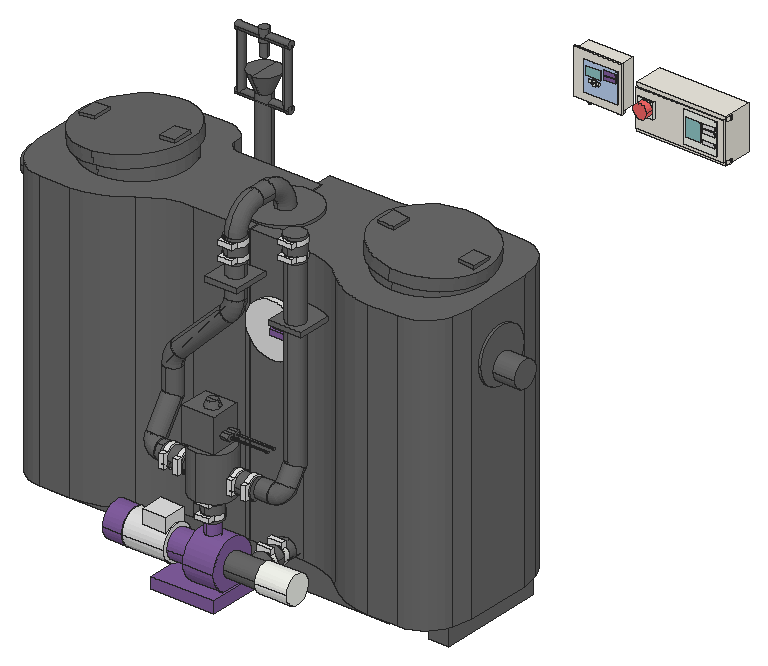
Revit family "93004.02_pvs 0", category Generic Models, Revit 2021 (continued)
Definition of nested family "93004.02_pvs 0_part3_X0Y0"
  Definition of nested family "93004.02_pvs 0_part3_content"
    Forms (mm)
      Extrusion 34, solid, detail levels medium+fine
        sketch origin (91, -399, 630) x (0, 1, 0) y (0, 0, 1)
          loop
            circle (0, 0) r 3
        from 0 to 160
      Extrusion 35, solid, detail levels medium+fine
        sketch origin (-239.917, -260, 799.003) x (0.5, 0.707107, -0.5) y (-0.5, 0.707107, 0.5)
          loop
            circle (0, 0) r 37.5
        from 0 to 298
      Revolve 36, solid, detail levels medium+fine
        sketch origin (-29.2, -260, 1009.72) x (-0.707107, 0, 0.707107) y (0, -1, 0)
          loop
            circle (0, 0) r 37.5
          axis (100, 0) -> (100, -1)
        angle from -45.5 to 0
      Extrusion 37, solid, detail levels medium+fine
        sketch origin (115, -181.5, 967.5) x (1, 0, 0) y (0, 0, 1)
          loop
            circle (0, 0) r 114
        from 0 to 27
      Extrusion 38, solid, detail levels medium+fine
        sketch origin (235, -208.5, 955.75) x (0, -1, 0) y (0, 0, 1)
          loop
            line (0, 23.5) -> (0, 0) -> (15, 0) -> (15, 23.5) -> (0, 23.5)
        from 0 to 120
      Extrusion 39, solid, detail levels medium+fine
        sketch origin (290, -303.5, 553) x (0, 1, 0) y (-1, 0, 0)
          loop
            circle (0, 0) r 37.5
        from 0 to 792.5
      Extrusion 40, solid, detail levels medium+fine
        sketch origin (359, -357.5, 1110) x (0, 1, 0) y (0, 0, -1)
          loop
            line (0, 20.5) -> (0, 0) -> (200, 0) -> (200, 20.5) -> (0, 20.5)
        from 0 to 138
      Extrusion 41, solid, detail levels medium+fine
        sketch origin (-9.5, -42, 113) x (1, 0, 0) y (0, 1, 0)
          loop
            line (-461.233, 356.866) -> (-423.23, 310.65) -> (-420.98, 267.88)
            arc (-420.98, 267.88) -> (-412.995, 226.34) -> (-371.1, 220.5) r 36.34
            line (-371.1, 220.5) -> (-9.5, 220.349) -> (-9.5, 310.5) -> (-300.77, 310.5)
            arc (-300.77, 310.5) -> (-384.02, 323.236) -> (-461.233, 356.866) r 326.113
        from 0 to 705
      Extrusion 42, solid, detail levels medium+fine
        sketch origin (290, -303.5, 1345.5) x (0, 1, 0) y (-1, 0, 0)
          loop
            circle (0, 0) r 42
        from 0 to 100
      Extrusion 43, solid, detail levels medium+fine
        sketch origin (290, -303.5, 1355.5) x (0, 1, 0) y (-1, 0, 0)
          loop
            circle (0, 0) r 45
        from 0 to 20
      Extrusion 44, solid, detail levels medium+fine
        sketch origin (290, -303.5, 1415.5) x (0, 1, 0) y (-1, 0, 0)
          loop
            circle (0, 0) r 45
        from 0 to 20
      Extrusion 45, solid, detail levels medium+fine
        sketch origin (260, -334.5, 1375.5) x (0, 0, -1) y (1, 0, 0)
          loop
            line (0, 60) -> (0, 0) -> (20, 0) -> (20, 60) -> (0, 60)
        from 0 to 25
      Extrusion 46, solid, detail levels medium+fine
        sketch origin (260, -334.5, 1435.5) x (0, 0, -1) y (1, 0, 0)
          loop
            line (0, 60) -> (0, 0) -> (20, 0) -> (20, 60) -> (0, 60)
        from 0 to 25
      Extrusion 47, solid, detail levels medium+fine
        sketch origin (-348.5, 202.5, 1119.2) x (0, 1, 0) y (0, 0, 1)
          loop
            line (0, 29.3) -> (0, 0) -> (120, 0) -> (120, 29.3) -> (0, 29.3)
        from 0 to 88
      Extrusion 48, solid, detail levels medium+fine
        sketch origin (-305, 275, 1003) x (1, 0, 0) y (0, 1, 0)
          loop
            circle (0, 0) r 31.5
        from 0 to 526.6
      Revolve 49, solid, detail levels medium+fine
        sketch origin (-110, 275, 1003) x (0, 1, 0) y (-1, 0, 0)
          loop
            circle (0, 0) r 31.5
          axis (0, 97.5) -> (-1, 97.5)
        angle from 0 to 180
      Extrusion 50, solid, detail levels medium+fine
        sketch origin (-110, 275, 1088.5) x (0, -1, 0) y (-1, 0, 0)
          loop
            circle (0, 0) r 31.5
        from 0 to 85.5
      Extrusion 51, solid, detail levels medium+fine
        sketch origin (-419.94, 274.5, 1494.31) x (0, 1, 0) y (0, 0, 1)
          loop
            circle (0, 0) r 15
        from 0 to 230
      Extrusion 52, solid, detail levels medium+fine
        sketch origin (-204.94, 274.5, 1743.51) x (1, 0, 0) y (0, -1, 0)
          loop
            circle (0, 0) r 15
        from 0 to 249.2
      Extrusion 53, solid, detail levels medium+fine
        sketch origin (-420, 274.5, 1743.25) x (0, 1, 0) y (0, 0, 1)
          loop
            circle (0, 0) r 15
        from 0 to 230
      Extrusion 54, solid, detail levels medium+fine
        sketch origin (-305, 275, 1720.9) x (1, 0, 0) y (0, 1, 0)
          loop
            circle (0, 0) r 19.25
        from 0 to 52
      Extrusion 55, solid, detail levels medium+fine
        sketch origin (-305, 275, 1662.9) x (1, 0, 0) y (0, 1, 0)
          loop
            circle (0, 0) r 14
        from 0 to 58
      Extrusion 56, solid, detail levels medium+fine
        sketch origin (-405.05, 274.5, 1743.51) x (1, 0, 0) y (0, -1, 0)
          loop
            circle (0, 0) r 15
        from 0 to 249.2
      Revolve 57, solid, detail levels medium+fine
        sketch origin (-305, 275, 1529.6) x (0, 0, 1) y (0, 1, 0)
          loop
            line (-0.5, 0) -> (81, 0) -> (81, 65) -> (-0.5, 31) -> (-0.5, 0)
          axis (81, 0) -> (-0.5, 0)
        angle from -360 to 0
      Extrusion 58, solid, detail levels medium+fine
        sketch origin (611.47, 0, 1071.55) x (0, 1, 0) y (-0.996195, 0, 0.087156)
          loop
            circle (0, 0) r 211
        from 0 to 281.5
      Extrusion 59, solid, detail levels medium+fine
        sketch origin (636, 0, 1351.97) x (0, 1, 0) y (-0.996195, 0, 0.087156)
          loop
            circle (0, 0) r 233
        from 0 to 51
      Extrusion 60, solid, detail levels medium+fine
        sketch origin (501.07, 41, 1414.97) x (0, -1, 0) y (0.087156, 0, 0.996195)
          loop
            line (0, 12) -> (0, -0.5) -> (82, -0.5) -> (82, 12) -> (0, 12)
        from 0 to 66
      Extrusion 61, solid, detail levels medium+fine
        sketch origin (780, -41, 1390.57) x (0, 1, 0) y (0.087156, 0, 0.996195)
          loop
            line (0, 12) -> (0, -0.5) -> (82, -0.5) -> (82, 12) -> (0, 12)
        from 0 to 66
      Extrusion 62, solid, detail levels medium+fine
        sketch origin (-611.47, 0, 1071.551) x (0, -1, 0) y (0.996195, 0, 0.087156)
          loop
            circle (0, 0) r 211
        from 0 to 281.5
      Extrusion 63, solid, detail levels medium+fine
        sketch origin (-636, 0, 1351.97) x (0, -1, 0) y (0.996195, 0, 0.087156)
          loop
            circle (0, 0) r 233
        from 0 to 51
      Extrusion 64, solid, detail levels medium+fine
        sketch origin (-501.07, -41, 1414.97) x (0, 1, 0) y (-0.087156, 0, 0.996195)
          loop
            line (0, 12) -> (0, -0.5) -> (82, -0.5) -> (82, 12) -> (0, 12)
        from 0 to 66
      Extrusion 65, solid, detail levels medium+fine
        sketch origin (-780, 41, 1390.57) x (0, -1, 0) y (-0.087156, 0, 0.996195)
          loop
            line (0, 12) -> (0, -0.5) -> (82, -0.5) -> (82, 12) -> (0, 12)
        from 0 to 66
      Extrusion 66, solid, detail levels medium+fine
        sketch origin (-399, -183.5, 0) x (0, 1, 0) y (0, 0, 1)
          loop
            line (1, 113.5) -> (1, 0) -> (449, 0) -> (449, 113.5) -> (1, 113.5)
        from 0 to 1000
      Extrusion 67, solid, detail levels medium+fine
        sketch origin (926, 0, 1070) x (0, 1, 0) y (0, 0, 1)
          loop
            circle (0, 0) r 114
        from -10 to 10
      Extrusion 68, solid, detail levels medium+fine
        sketch origin (936, 0, 1030) x (0, 1, 0) y (0, 0, 1)
          loop
            circle (0, 0) r 55
        from 0 to 98
      Extrusion 69, solid, detail levels medium+fine
        sketch origin (-926.1, 0, 1070) x (0, -1, 0) y (0, 0, 1)
          loop
            circle (0, 0) r 114
        from 0 to 20
      Extrusion 70, solid, detail levels medium+fine
        sketch origin (-936.1, 0, 1113) x (0, -1, 0) y (0, 0, 1)
          loop
            circle (0, 0) r 55
        from 0 to 151.5
      Extrusion 71, solid, detail levels medium+fine
        sketch origin (-110, 215, 1148.5) x (0, 0, -1) y (1, 0, 0)
          loop
            circle (0, 0) r 31.5
        from 0 to 20
      Revolve 72, solid, detail levels medium+fine
        sketch origin (-110, 215, 1148.5) x (0, 0, -1) y (-1, 0, 0)
          loop
            circle (0, 0) r 31.5
          axis (60, 0) -> (60, -1)
        angle from -90 to 0
      Extrusion 73, solid, detail levels medium+fine
        sketch origin (154.75, -114.5, 135) x (0, 0, -1) y (1, 0, 0)
          loop
            circle (0, 0) r 42
        from 0 to 113
      Extrusion 74, solid, detail levels medium+fine
        sketch origin (184.75, -244.5, 166) x (0, 1, 0) y (-1, 0, 0)
          loop
            line (0, 60) -> (0, 0) -> (20, 0) -> (20, 60) -> (0, 60)
        from 0 to 25
      Extrusion 75, solid, detail levels medium+fine
        sketch origin (154.75, -224.5, 135) x (0, 0, -1) y (1, 0, 0)
          loop
            circle (0, 0) r 45
        from 0 to 20
      Extrusion 76, solid, detail levels medium+fine
        sketch origin (154.75, -383, 135) x (-1, 0, 0) y (0, 0, 1)
          loop
            circle (0, 0) r 40
        from 0 to 193.5
      Extrusion 77, solid, detail levels medium+fine
        sketch origin (154.75, -284.5, 135) x (0, 0, -1) y (1, 0, 0)
          loop
            circle (0, 0) r 45
        from 0 to 20
      Extrusion 78, solid, detail levels medium+fine
        sketch origin (184.75, -304.5, 166) x (0, 1, 0) y (-1, 0, 0)
          loop
            line (0, 60) -> (0, 0) -> (20, 0) -> (20, 60) -> (0, 60)
        from 0 to 25
      Extrusion 79, solid, detail levels medium+fine
        sketch origin (82.5, -383, 135) x (0, 1, 0) y (0, 0, 1)
          loop
            circle (0, 0) r 50
        from 0 to 144.5
      Extrusion 80, solid, detail levels medium+fine
        sketch origin (-47, -383, 135) x (0, 1, 0) y (0, 0, 1)
          loop
            circle (0, 0) r 101
        from 0 to 129.5
      Extrusion 81, solid, detail levels medium+fine
        sketch origin (0, -383, 284) x (-1, 0, 0) y (0, 1, 0)
          loop
            circle (0, 0) r 31.5
        from 0 to 149
      Extrusion 82, solid, detail levels medium+fine
        sketch origin (-152, -383, 135) x (0, 1, 0) y (0, 0, 1)
          loop
            circle (0, 0) r 60
        from 0 to 105
      Extrusion 83, solid, detail levels medium+fine
        sketch origin (97.5, -269, 0) x (0, -1, 0) y (0, 0, 1)
          loop
            line (0, 48) -> (0, 0) -> (230, 0) -> (230, 48) -> (0, 48)
        from 0 to 272
      Extrusion 84, solid, detail levels medium+fine
        sketch origin (0, -383, 284) x (0, 1, 0) y (-1, 0, 0)
          loop
            circle (0, 0) r 42
        from 0 to 100
      Extrusion 85, solid, detail levels medium+fine
        sketch origin (0, -383, 294) x (0, 1, 0) y (-1, 0, 0)
          loop
            circle (0, 0) r 45
        from 0 to 20
      Extrusion 86, solid, detail levels medium+fine
        sketch origin (0, -383, 354) x (0, 1, 0) y (-1, 0, 0)
          loop
            circle (0, 0) r 45
        from 0 to 20
      Extrusion 87, solid, detail levels medium+fine
        sketch origin (-30, -414, 314) x (0, 0, -1) y (1, 0, 0)
          loop
            line (0, 60) -> (0, 0) -> (20, 0) -> (20, 60) -> (0, 60)
        from 0 to 25
      Extrusion 88, solid, detail levels medium+fine
        sketch origin (-30, -414, 374) x (0, 0, -1) y (1, 0, 0)
          loop
            line (0, 60) -> (0, 0) -> (20, 0) -> (20, 60) -> (0, 60)
        from 0 to 25
      Extrusion 89, solid, detail levels medium+fine
        sketch origin (227, -383, 135) x (0, 1, 0) y (0, 0, 1)
          loop
            circle (0, 0) r 58.5
        from 0 to 135.5
      Extrusion 90, solid, detail levels medium+fine
        sketch origin (-333, -383, 135) x (0, 1, 0) y (0, 0, 1)
          loop
            circle (0, 0) r 73.5
        from 0 to 181
      Extrusion 91, solid, detail levels medium+fine
        sketch origin (-262, -433, 188.5) x (0, 1, 0) y (0, 0, 1)
          loop
            line (0, 60) -> (0, 0) -> (100, 0) -> (100, 60) -> (0, 60)
        from 0 to 100
      Extrusion 92, solid, detail levels medium+fine
        sketch origin (-413, -383, 135) x (0, 1, 0) y (0, 0, 1)
          loop
            circle (0, 0) r 73.5
        from 0 to 80
      Extrusion 93, solid, detail levels medium+fine
        sketch origin (0, -260, 1231.5) x (0, 1, 0) y (-1, 0, 0)
          loop
            circle (0, 0) r 45
        from 0 to 20
      Extrusion 94, solid, detail levels medium+fine
        sketch origin (0, -260, 1221.5) x (0, 1, 0) y (-1, 0, 0)
          loop
            circle (0, 0) r 42
        from 0 to 100
      Extrusion 95, solid, detail levels medium+fine
        sketch origin (0, -260, 1291.5) x (0, 1, 0) y (-1, 0, 0)
          loop
            circle (0, 0) r 45
        from 0 to 20
      Extrusion 96, solid, detail levels medium+fine
        sketch origin (-30, -291, 1251.5) x (0, 0, -1) y (1, 0, 0)
          loop
            line (0, 60) -> (0, 0) -> (20, 0) -> (20, 60) -> (0, 60)
        from 0 to 25
      Extrusion 97, solid, detail levels medium+fine
        sketch origin (-30, -291, 1311.5) x (0, 0, -1) y (1, 0, 0)
          loop
            line (0, 60) -> (0, 0) -> (20, 0) -> (20, 60) -> (0, 60)
        from 0 to 25
      Revolve 98, solid, detail levels medium+fine
        sketch origin (0, -260, 1315) x (0, 1, 0) y (-1, 0, 0)
          loop
            circle (0, 0) r 37.5
          axis (100, 0) -> (100, -1)
        angle from -90 to 0
      Extrusion 99, solid, detail levels medium+fine
        sketch origin (766, -183.5, 0) x (0, 1, 0) y (0, 0, 1)
          loop
            line (0, 113) -> (0, 0) -> (450, 0) -> (450, 113) -> (0, 113)
        from 0 to 86.5
      Extrusion 100, solid, detail levels medium+fine
        sketch origin (0, 0, 1305) x (0, 1, 0) y (-1, 0, 0)
          loop
            circle (0, 0) r 140
        from 0 to 10
      Revolve 101, solid, detail levels medium+fine
        sketch origin (0, 5.5, 1315) x (0, -1, 0) y (1, 0, 0)
          loop
            circle (0, 0) r 37.5
          axis (100, 0) -> (100, -1)
        angle from -90 to 0
      Extrusion 102, solid, detail levels medium+fine
        sketch origin (0, -160, 1415) x (-1, 0, 0) y (0, 0, 1)
          loop
            circle (0, 0) r 37.5
        from 0 to 65.5
      Extrusion 103, solid, detail levels coarse
        sketch origin (-26.8, -78.835, 0) x (1, 0, 0) y (0, 1, 0)
          loop
            line (-1060.8, -420.165) -> (1060.8, -420.165) -> (1060.8, 420.165) -> (-1060.8, 420.165) -> (-1060.8, -420.165)
        from 0 to 1772.9
    Dimensions and locks
      aligned and locked: level to plane 2
